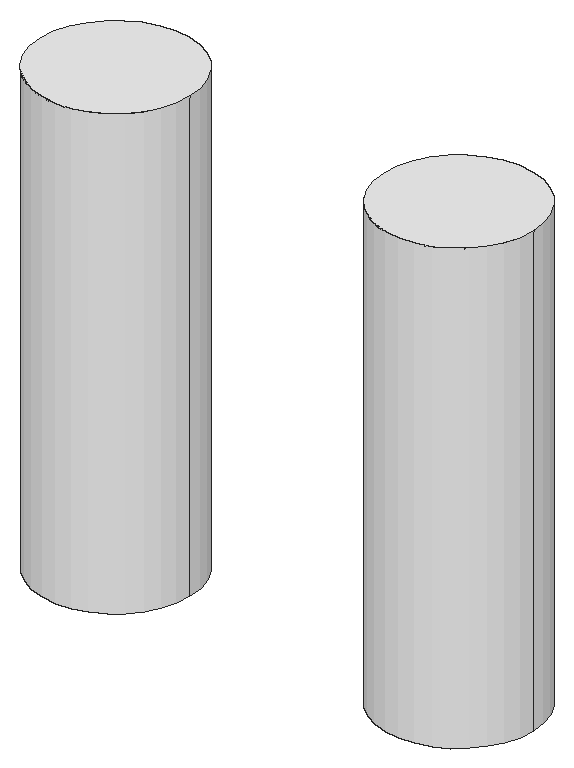
Revit family "51422293", category Plumbing Fixtures, Revit 2018
Family settings
  Round Connector Dimension = Use Diameter
  Part Type = Normal
  OmniClass Number = 23.45.55.00
  OmniClass Title = Sanitary Faucets, Wastes
  Work Plane-Based = No
  Always vertical = Yes
  Cut with Voids When Loaded = No
  Shared = No
  Room Calculation Point = No
Parameters (values of type "51422293 Washbasin faucet ")
  WorkingPressure = "50 - 1000 kPa"
  Working Pressure = "50 - 1000 kPa"
  WarrantyStartDate [instance] = "n/a"
  WarrantyGuarantorParts = "n/a"
  WarrantyGuarantorLabor = "n/a"
  WarrantyDurationUnit = "Year"
  WarrantyDurationParts = "n/a"
  WarrantyDurationLabor = "n/a"
  WarrantyDescription = "http://warranty.hansa.com"
  Warranty Information URL = "http://warranty.hansa.com"
  VersionDate = "01/07/2022"
  Version = "4"  # constant formula
  ValvePattern = "n/a"
  ValveOperation = "n/a"
  ValveMechanism = "n/a"
  Uniclass2015Reference = "Pr_40_20_87_96"
  Uniclass2015Description = "Washbasin manual water supply sets"
  Uniclass2 = "Pr_40_30_96_96"
  URL REACH = "http://static.hansa.com/doc/reach"
  URL KIWA = "http://static.hansa.com/Kiwa/51422293"
  URL Declaration of Conformity = "http://static.hansa.com/DoC/51422293"
  URL DVGW = "http://static.hansa.com/DVGW/51422293"
  URL ABP = "http://static.hansa.com/ABP/51422293"
  URL = ""
  UNSPSC Class Number = "30181700 Faucets or taps"
  TestPressure = "n/a"
  Temperature Adjustments = "Limitation option for maximum temperature and flow-rate ;Adjustable hot water stop (included, retrofittable)"
  Temperature = "Temperature limiter;Temperature limiter (retrofittable)"
  Technical DataSheet URL = "http://www.hansa.com/datasheet/51422293/en"
  TagNumber [instance] = "n/a"
  SustainabilityPerformance = "n/a"
  Surface treatment = "Chrome"
  Spout Type = "Fixed spout"
  Spout Projection = "103 mm"
  Spare-Part Information URL = "http://static.hansa.com/sp/51422293"
  Size = "48.5x137x136 mm"
  Shape = "Sculptured"
  SerialNumber [instance] = "n/a"
  Sales Package dimensions (LxWxH) = "540 x 146 x 59"
  Revision = "4"  # constant formula
  ReplacementCost = "n/a"
  ProductInformation = "n/a"
  Product URL = "http://static.hansa.com/51422293"
  Product Image URL = "http://static.hansa.com/image/51422293"
  Product Family = "HANSAPOLO "
  Product Code = "51422293"
  OperatingMechanismMaterial = "n/a"
  NominalWidth = 48.5 mm
  NominalHeight = 137 mm
  NominalDepth = 137 mm
  Noise Class = "I (ISO3822)"
  Name_en = "51422293 Washbasin faucet"
  Name = "51422293 Washbasin faucet"
  NBSReference = "45-35-70/371"
  NBSDescription = "Water supply fittings for wash basins and troughs"
  Mounting Holes = "1 hole"
  ModelReference = "51422293"
  ModelNumber = "n/a"
  Model = "51422293 Washbasin faucet"
  Mobile Product Information URL = "http://mpi.hansa.com/51422293"
  Mechanical Parts = "ø 35 mm ceramic cartridge for flow and temperature control"
  Max. Hot Water Supply = 70 °C
  Material = "Brass"
  Market = "Austria;Belgium;Czech Republic;Germany;Spain;France;International;Italy;Netherlands;Slovakia"
  ManufacturerURL = "http://www.hansa.com"
  ManufacturerName = "HANSA"
  Manufacturer = "HANSA"
  Lever Handle = "Hot/Cold symbols;Single operating lever/handle"
  Interactive AR View URL = "https://static.hansa.com/AR/51422293"
  InstallationDate [instance] = "n/a"
  Installation and Maintenance Guide URL = "http://static.hansa.com/manual/51422293"
  Installation Type = "Deck mounted"
  InletConnectionSize = 10 mm
  IfcExportType = "FAUCET"  # constant formula
  IfcExportAs = "IfcValveType"  # constant formula
  Group = "Washbasin faucet"
  Grade = "n/a"
  FlowCoefficient = 0
  Flow Rate At 300kPa With Flow Controller = 0.1 L/s
  Flow Drawing URL = "http://static.hansa.com/flowchart/51422293"
  Finish = "Polished"
  Features = "Single-lever"
  FaucetMainMaterial = Brass
  FDV Document URL = "http://www.hansa.com/datasheet/51422293/en/fdv"
  ExpectedLife = "n/a"
  Excluded Items = "Without pop-up waste;Without draw-rod opening"
  ETIM Class Number = "EC011328 Washbasin mixing tap"
  EN Standard = "EN 817"
  EAN Number = "4057304002755"
  DurationUnit = "Year"
  Dimension Drawing URL = "http://static.hansa.com/dimdrw/51422293"
  Description = ""
  DefaultElevation [instance] = 900 mm
  Constituents = "n/a"
  Connection Size = "G3/8"
  Connection = "Flexible inlet pipes"
  Color = "Chrome"
  CodePerformance = "n/a"
  CloseOffRating = 0
  Category = "Bathroom"
  Catalog Drawing URL = "http://static.hansa.com/catdrw/51422293"
  Brand = "HANSA"
  BodyMaterial = "Brass"
  Barcode [instance] = "n/a"
  Backflow Prevention EN1717 = "AA"
  BIMObjectName = "51422293"
  Author = "BIMStone"
  AssetType = "Fixed"
  AssetIdentifier [instance] = "n/a"
  Approval KIWA = "K6116/08"
  Approval DVGW = "NW-6506BP0361"
  Approval ABP = "P-IX 29493/IA"
  Ambience photo = "http://static.hansa.com/ambience/51422293"
  Aerator = "PCA® - constant flow rate regardless of pressure variations"
  Advanced Features = "Inner body made of DZR brass;Rapid installation system"
  AccessibilityPerformance = "n/a"
  3D View = "https://static.hansa.com/3D/51422293"
  2D/3D/BIM Files URL = "http://static.hansa.com/bim/51422293"
Reference planes
  plane 1 "Center (Front/Back)": y = 0
  plane 2: z = 0
  plane 3 "Center (Left/Right)": x = 0
  plane 4: x = -24.25
  plane 5: z = 1037
  plane 6: z = 900
  plane 7: z = 870
  plane 8: y = -137
  plane 9: x = 24.25
Forms (mm)
  Extrusion 1, solid, material "Brass" <- "FaucetMainMaterial"
    sketch origin (0, 0, 0) x (1, 0, 0) y (0, 1, 0)
      loop
        circle (-11.5, -22.5) r 5
      loop
        circle (11.5, -22.5) r 5
    from 870 to 900
  Extrusion 2, solid, material "Brass" <- "FaucetMainMaterial", detail levels medium
    sketch origin (0, 0, 0) x (0, 1, 0) y (0, 0, 1)
      loop
        line (-11.837, 1037) -> (-124.122, 1037) -> (-122.074, 1028.126) -> (-62.2, 1027.177)
        arc (-62.2, 1027.177) -> (-58.651, 1025.78) -> (-57.131, 1022.282) r 4.983
        line (-57.131, 1022.282) -> (-56.683, 996.618) -> (-137, 989.601) -> (-137, 987.69) -> (-131.699, 983.242) -> (-135.856, 977.305) -> (-116.182, 963.529) -> (-114.062, 966.556) -> (-77.551, 967.193)
        arc (-77.551, 967.193) -> (-59.309, 959.809) -> (-50.685, 942.118) r 27.474
        line (-50.685, 942.118) -> (-47, 900) -> (0, 900) -> (-11.837, 1037)
    from -24.25 to 24.25
  Extrusion 3, solid, material "Brass" <- "FaucetMainMaterial", detail levels coarse
    sketch origin (0, 0, 0) x (1, 0, 0) y (0, 1, 0)
      loop
        line (-24.25, 0) -> (-24.25, -137) -> (24.25, -137) -> (24.25, 0) -> (-24.25, 0)
    from 900 to 1037
Lines and regions (mm)
  symbolic lines, detail levels medium+fine
    curve 1: line (0, 0, 900) -> (-23.5, 0, 900)
    curve 2: line (-23.5, 0, 900) -> (-23.5, 0, 998.12)
    curve 3: spline (-24.25, 0, 1002.285) -> (-24.238, 0, 1002.205) -> (-24.201, 0, 1002.125) -> (-24.14, 0, 1002.045) -> (-24.055, 0, 1001.966) -> (-23.945, 0, 1001.886) -> (-23.812, 0, 1001.808) -> (-23.654, 0, 1001.729) -> (-23.472, 0, 1001.651) -> (-23.267, 0, 1001.574) -> (-23.039, 0, 1001.498) -> (-22.787, 0, 1001.422) -> (-22.512, 0, 1001.347)
    curve 4: arc (-24.25, 0, 1002.285) -> (-23.247, 0, 1017.942) -> (-21.807, 0, 1033.565) r 561.53
    curve 5: line (-20.482, 0, 1035.174) -> (-14.32, 0, 1036.261)
    curve 6: arc (-14.32, 0, 1036.261) -> (-9.879, 0, 1036.835) -> (-5.404, 0, 1037) r 48.793
    curve 7: line (-5.404, 0, 1037) -> (0, 0, 1037)
    curve 9: line (0, 0, 900) -> (23.5, 0, 900)
    curve 10: line (23.5, 0, 900) -> (23.5, 0, 998.12)
    curve 11: spline (24.25, 0, 1002.285) -> (24.238, 0, 1002.205) -> (24.201, 0, 1002.125) -> (24.14, 0, 1002.045) -> (24.055, 0, 1001.966) -> (23.945, 0, 1001.886) -> (23.812, 0, 1001.808) -> (23.654, 0, 1001.729) -> (23.472, 0, 1001.651) -> (23.267, 0, 1001.574) -> (23.039, 0, 1001.498) -> (22.787, 0, 1001.422) -> (22.512, 0, 1001.347)
    curve 12: arc (24.25, 0, 1002.285) -> (23.247, 0, 1017.942) -> (21.807, 0, 1033.565) r 561.53
    curve 13: line (20.482, 0, 1035.174) -> (14.32, 0, 1036.261)
    curve 14: arc (14.32, 0, 1036.261) -> (9.879, 0, 1036.835) -> (5.404, 0, 1037) r 48.793
    curve 15: line (5.404, 0, 1037) -> (0, 0, 1037)
    curve 16: line (-22.633, 0, 998.988) -> (-22.512, 0, 1001.347)
    curve 17: line (22.633, 0, 998.988) -> (22.512, 0, 1001.347)
    curve 18: arc (-22.633, 0, 998.988) -> (-23.246, 0, 998.734) -> (-23.5, 0, 998.12) r 0.867
    curve 19: arc (22.633, 0, 998.988) -> (23.246, 0, 998.734) -> (23.5, 0, 998.12) r 0.867
    curve 20: arc (-20.482, 0, 1035.174) -> (-21.441, 0, 1034.614) -> (-21.807, 0, 1033.565) r 1.605
    curve 21: arc (20.482, 0, 1035.174) -> (21.441, 0, 1034.614) -> (21.807, 0, 1033.565) r 1.605
    curve 59: line (0, 0, 900) -> (0, -47, 900)
    curve 60: line (0, -47, 900) -> (0, -50.685, 942.118)
    curve 61: arc (0, -50.685, 942.118) -> (0, -59.309, 959.809) -> (0, -77.551, 967.193) r 27.474
    curve 62: line (0, -77.551, 967.193) -> (0, -109.985, 966.627)
    curve 63: arc (0, -109.985, 966.627) -> (0, -111.706, 966.9) -> (0, -113.23, 967.744) r 5.017
    curve 65: line (0, -136.087, 989.68) -> (0, -56.683, 996.618)
    curve 66: line (0, -56.683, 996.618) -> (0, -57.131, 1022.282)
    curve 67: arc (0, -57.131, 1022.282) -> (0, -58.651, 1025.78) -> (0, -62.2, 1027.177) r 4.983
    curve 68: line (0, -62.2, 1027.177) -> (0, -118.76, 1028.074)
    curve 69: arc (0, -118.76, 1028.074) -> (0, -121.312, 1028.98) -> (0, -122.794, 1031.248) r 4.237
    curve 70: line (0, -122.794, 1031.248) -> (0, -123.357, 1033.686)
    curve 71: arc (0, -123.357, 1033.686) -> (0, -123.101, 1034.795) -> (0, -122.07, 1035.277) r 1.299
    curve 72: line (0, -122.07, 1035.277) -> (0, -83.546, 1036.623)
    curve 73: arc (0, -83.546, 1036.623) -> (0, -75.229, 1036.862) -> (0, -66.91, 1037) r 680.589
    curve 74: arc (0, -66.91, 1037) -> (0, -40.52, 1036.693) -> (0, -14.169, 1035.22) r 597.328
    curve 75: arc (0, -14.169, 1035.22) -> (0, -13.191, 1034.767) -> (0, -12.746, 1033.786) r 1.547
    curve 76: line (0, -12.746, 1033.786) -> (0, -9.744, 1014.834)
    curve 77: line (0, -9.744, 1014.834) -> (0, -15.314, 1011.619)
    curve 78: arc (0, -15.314, 1011.619) -> (0, -12.568, 1006.368) -> (0, -11.235, 1000.594) r 23.302
    curve 79: arc (0, -137, 988.684) -> (0, -136.737, 989.36) -> (0, -136.087, 989.68) r 1
    curve 80: arc (0, -137, 988.156) -> (0, -136.906, 987.733) -> (0, -136.643, 987.39) r 1
    curve 81: line (0, -137, 988.684) -> (0, -137, 988.156)
    curve 82: line (0, -116.182, 963.529) -> (0, -135.856, 977.305)
    curve 83: line (0, -131.699, 983.242) -> (0, -135.856, 977.305)
    curve 84: line (0, -113.23, 967.744) -> (0, -116.182, 963.529)
    curve 85: line (0, -131.699, 983.242) -> (0, -136.643, 987.39)
    curve 89: line (0, -11.235, 1000.594) -> (0, -8.819, 1000.805)
    curve 91: line (0, -137, 0) -> (-6.831, -137, 0)
    curve 92: arc (-6.831, -137, 0) -> (-9.954, -136.71, 0) -> (-12.97, -135.849, 0) r 16.95
    curve 93: arc (-12.97, -135.849, 0) -> (-13.9, -135.32, 0) -> (-14.637, -134.545, 0) r 3.659
    curve 94: arc (-14.637, -134.545, 0) -> (-15.74, -132.603, 0) -> (-16.449, -130.485, 0) r 11.565
    curve 95: line (-16.449, -130.485, 0) -> (-22.722, -40.776, 0)
    curve 96: line (0, -137, 0) -> (6.831, -137, 0)
    curve 97: arc (6.831, -137, 0) -> (9.954, -136.71, 0) -> (12.97, -135.849, 0) r 16.95
    curve 98: arc (12.97, -135.849, 0) -> (13.9, -135.32, 0) -> (14.637, -134.545, 0) r 3.659
    curve 99: arc (14.637, -134.545, 0) -> (15.74, -132.603, 0) -> (16.449, -130.485, 0) r 11.565
    curve 100: line (16.449, -130.485, 0) -> (22.722, -40.776, 0)
    curve 102: spline (23.357, -26.09, 0) -> (23.666, -27.298, 0) -> (23.911, -28.52, 0) -> (24.09, -29.752, 0) -> (24.203, -30.993, 0) -> (24.249, -32.237, 0) -> (24.228, -33.482, 0) -> (24.141, -34.725, 0) -> (23.988, -35.961, 0) -> (23.769, -37.187, 0) -> (23.484, -38.401, 0) -> (23.135, -39.598, 0) -> (22.722, -40.776, 0)
    curve 103: arc (23.357, -26.09, 0) -> (0, 0, 0) -> (-23.357, -26.09, 0) r 23.5
    curve 112: spline (-22.722, -40.776, 0) -> (-23.135, -39.598, 0) -> (-23.484, -38.401, 0) -> (-23.769, -37.187, 0) -> (-23.988, -35.961, 0) -> (-24.141, -34.725, 0) -> (-24.228, -33.482, 0) -> (-24.249, -32.237, 0) -> (-24.203, -30.993, 0) -> (-24.09, -29.752, 0) -> (-23.911, -28.52, 0) -> (-23.666, -27.298, 0) -> (-23.357, -26.09, 0)
    curve 117: line (0, 0, 900) -> (0, -8.819, 1000.805)
  symbolic lines, detail levels fine
    curve 8: spline (-22.512, 0, 1001.347) -> (-19.863, 0, 1000.838) -> (-16.168, 0, 1000.405) -> (-11.62, 0, 1000.071) -> (-6.46, 0, 999.854) -> (-0.96, 0, 999.765) -> (4.591, 0, 999.808) -> (9.899, 0, 999.982) -> (14.687, 0, 1000.278) -> (18.7, 0, 1000.679) -> (21.728, 0, 1001.165) -> (23.611, 0, 1001.71) -> (24.25, 0, 1002.285)
    curve 22: line (-15.899, 0, 1034.548) -> (-15.72, 0, 1031.125)
    curve 23: arc (-15.72, 0, 1031.125) -> (-14.393, 0, 1028.344) -> (-11.489, 0, 1027.315) r 4.026
    curve 24: line (-11.489, 0, 1027.315) -> (0, 0, 1027.315)
    curve 25: arc (-14.32, 0, 1036.261) -> (-15.47, 0, 1035.737) -> (-15.899, 0, 1034.548) r 1.629
    curve 26: line (15.899, 0, 1034.548) -> (15.72, 0, 1031.125)
    curve 27: arc (15.72, 0, 1031.125) -> (14.393, 0, 1028.344) -> (11.489, 0, 1027.315) r 4.026
    curve 28: line (11.489, 0, 1027.315) -> (0, 0, 1027.315)
    curve 29: arc (14.32, 0, 1036.261) -> (15.47, 0, 1035.737) -> (15.899, 0, 1034.548) r 1.629
    curve 30: spline (-22.633, 0, 998.988) -> (-21.861, 0, 998.451) -> (-19.6, 0, 997.951) -> (-16.004, 0, 997.522) -> (-11.316, 0, 997.193) -> (-5.858, 0, 996.986) -> (0, 0, 996.915) -> (5.858, 0, 996.986) -> (11.316, 0, 997.193) -> (16.004, 0, 997.522) -> (19.6, 0, 997.951) -> (21.861, 0, 998.451) -> (22.633, 0, 998.988)
    curve 31: spline (10.74, 0, 970.347) -> (10.374, 0, 971.955) -> (9.301, 0, 973.453) -> (7.594, 0, 974.74) -> (5.37, 0, 975.728) -> (2.78, 0, 976.349) -> (0, 0, 976.56) -> (-2.78, 0, 976.349) -> (-5.37, 0, 975.728) -> (-7.594, 0, 974.74) -> (-9.301, 0, 973.453) -> (-10.374, 0, 971.955) -> (-10.74, 0, 970.347) -> (-10.374, 0, 968.738) -> (-9.301, 0, 967.24) -> (-7.594, 0, 965.953) -> (-5.37, 0, 964.965) -> (-2.78, 0, 964.345) -> (0, 0, 964.133) -> (2.78, 0, 964.345) -> (5.37, 0, 964.965) -> (7.594, 0, 965.953) -> (9.301, 0, 967.24) -> (10.374, 0, 968.738) -> (10.74, 0, 970.347)
    curve 32: line (-10.74, 0, 970.347) -> (-10.74, 0, 977.121)
    curve 33: line (10.74, 0, 970.347) -> (10.74, 0, 977.121)
    curve 34: spline (-10.74, 0, 970.633) -> (-11.115, 0, 971.144) -> (-11.425, 0, 971.671) -> (-11.668, 0, 972.211) -> (-11.842, 0, 972.761) -> (-11.948, 0, 973.317) -> (-11.983, 0, 973.877) -> (-11.948, 0, 974.437) -> (-11.842, 0, 974.993) -> (-11.668, 0, 975.543) -> (-11.425, 0, 976.083) -> (-11.115, 0, 976.61) -> (-10.74, 0, 977.121)
    curve 35: line (-11.983, 0, 973.877) -> (-11.983, 0, 976.203)
    curve 36: line (11.983, 0, 973.877) -> (11.983, 0, 976.203)
    curve 37: spline (-11.983, 0, 976.203) -> (-11.574, 0, 978.096) -> (-10.377, 0, 979.86) -> (-8.473, 0, 981.375) -> (-5.991, 0, 982.538) -> (-3.101, 0, 983.269) -> (0, 0, 983.518) -> (3.101, 0, 983.269) -> (5.991, 0, 982.538) -> (8.473, 0, 981.375) -> (10.377, 0, 979.86) -> (11.574, 0, 978.096) -> (11.983, 0, 976.203)
    curve 38: spline (-10.74, 0, 977.121) -> (-9.578, 0, 978.273) -> (-8.088, 0, 979.275) -> (-6.321, 0, 980.092) -> (-4.338, 0, 980.696) -> (-2.207, 0, 981.067) -> (0, 0, 981.192) -> (2.207, 0, 981.067) -> (4.338, 0, 980.696) -> (6.321, 0, 980.092) -> (8.088, 0, 979.275) -> (9.578, 0, 978.273) -> (10.74, 0, 977.121)
    curve 39: spline (10.74, 0, 977.121) -> (11.115, 0, 976.61) -> (11.425, 0, 976.083) -> (11.668, 0, 975.543) -> (11.842, 0, 974.993) -> (11.948, 0, 974.437) -> (11.983, 0, 973.877) -> (11.948, 0, 973.317) -> (11.842, 0, 972.761) -> (11.668, 0, 972.211) -> (11.425, 0, 971.671) -> (11.115, 0, 971.144) -> (10.74, 0, 970.633)
    curve 40: line (-23.5, 0, 998.12) -> (-17.681, 0, 988.808)
    curve 41: line (-17.681, 0, 988.808) -> (-16.86, 0, 987.494)
    curve 42: arc (-16.86, 0, 987.494) -> (-15.964, 0, 986.671) -> (-14.772, 0, 986.423) r 2.289
    curve 43: line (-3.71, 0, 987.138) -> (-14.772, 0, 986.423)
    curve 44: arc (-3.71, 0, 987.138) -> (-1.858, 0, 987.301) -> (0, 0, 987.355) r 31.816
    curve 45: line (23.5, 0, 998.12) -> (16.86, 0, 987.494)
    curve 46: arc (16.86, 0, 987.494) -> (15.963, 0, 986.67) -> (14.77, 0, 986.422) r 2.29
    curve 47: line (3.71, 0, 987.138) -> (14.77, 0, 986.422)
    curve 48: arc (3.71, 0, 987.138) -> (1.858, 0, 987.301) -> (0, 0, 987.355) r 31.816
    curve 49: line (-23.5, 0, 988.518) -> (-18.651, 0, 977.627)
    curve 50: arc (-18.651, 0, 977.627) -> (-15.357, 0, 972.753) -> (-10.589, 0, 969.307) r 16.858
    curve 51: line (23.5, 0, 988.518) -> (18.651, 0, 977.627)
    curve 52: arc (18.651, 0, 977.627) -> (15.357, 0, 972.753) -> (10.589, 0, 969.307) r 16.858
    curve 53: line (-17.103, 0, 984.092) -> (-17.368, 0, 980.229)
    curve 54: arc (-17.368, 0, 980.229) -> (-16.589, 0, 975.346) -> (-13.751, 0, 971.296) r 11.008
    curve 55: arc (-14.772, 0, 986.423) -> (-16.42, 0, 985.741) -> (-17.103, 0, 984.092) r 2.331
    curve 56: line (17.103, 0, 984.092) -> (17.368, 0, 980.229)
    curve 57: arc (17.368, 0, 980.229) -> (16.589, 0, 975.346) -> (13.751, 0, 971.296) r 11.008
    curve 58: arc (14.772, 0, 986.423) -> (16.42, 0, 985.741) -> (17.103, 0, 984.092) r 2.331
    curve 64: line (0, -113.23, 967.744) -> (0, -131.699, 983.242)
    curve 86: line (0, -15.314, 1011.619) -> (0, -31.179, 1002.459)
    curve 87: line (0, -56.746, 1000.222) -> (0, -31.179, 1002.459)
    curve 88: line (0, -56.683, 996.618) -> (0, -11.235, 1000.594)
    curve 90: spline (-16.871, -49.542, 0) -> (-17.505, -48.918, 0) -> (-18.114, -48.272, 0) -> (-18.699, -47.604, 0) -> (-19.258, -46.915, 0) -> (-19.791, -46.206, 0) -> (-20.296, -45.479, 0) -> (-20.774, -44.734, 0) -> (-21.223, -43.971, 0) -> (-21.643, -43.194, 0) -> (-22.033, -42.401, 0) -> (-22.393, -41.595, 0) -> (-22.722, -40.776, 0)
    curve 101: spline (-23.357, -26.09, 0) -> (-21.412, -21.325, 0) -> (-18.468, -17.081, 0) -> (-14.662, -13.556, 0) -> (-10.172, -10.913, 0) -> (-5.207, -9.276, 0) -> (0, -8.722, 0) -> (5.207, -9.276, 0) -> (10.172, -10.913, 0) -> (14.662, -13.556, 0) -> (18.468, -17.081, 0) -> (21.412, -21.325, 0) -> (23.357, -26.09, 0)
    curve 104: line (0, -123.45, 0) -> (-5, -123.45, 0)
    curve 105: arc (-5, -123.45, 0) -> (-8.178, -122.739, 0) -> (-10.749, -120.742, 0) r 7.456
    curve 106: arc (-10.749, -120.742, 0) -> (-11.709, -119.136, 0) -> (-12.144, -117.316, 0) r 6.19
    curve 107: line (-12.144, -117.316, 0) -> (-15.964, -54.466, 0)
    curve 108: line (0, -123.45, 0) -> (5, -123.45, 0)
    curve 109: arc (5, -123.45, 0) -> (8.178, -122.739, 0) -> (10.749, -120.742, 0) r 7.456
    curve 110: arc (10.749, -120.742, 0) -> (11.709, -119.136, 0) -> (12.144, -117.316, 0) r 6.19
    curve 111: line (12.144, -117.316, 0) -> (15.964, -54.466, 0)
    curve 113: spline (22.722, -40.776, 0) -> (22.393, -41.595, 0) -> (22.033, -42.401, 0) -> (21.643, -43.194, 0) -> (21.223, -43.971, 0) -> (20.774, -44.734, 0) -> (20.296, -45.479, 0) -> (19.791, -46.206, 0) -> (19.258, -46.915, 0) -> (18.699, -47.604, 0) -> (18.114, -48.272, 0) -> (17.505, -48.918, 0) -> (16.871, -49.542, 0)
    curve 114: spline (18.875, -45.082, 0) -> (21.467, -38.062, 0) -> (21.469, -30.592, 0) -> (18.881, -23.572, 0) -> (14.014, -17.848, 0) -> (7.457, -14.112, 0) -> (0, -12.815, 0) -> (-7.457, -14.112, 0) -> (-14.014, -17.848, 0) -> (-18.881, -23.572, 0) -> (-21.469, -30.592, 0) -> (-21.467, -38.062, 0) -> (-18.875, -45.082, 0)
    curve 115: arc (-15.964, -54.466, 0) -> (-16.854, -49.598, 0) -> (-18.875, -45.082, 0) r 20.664
    curve 116: arc (15.964, -54.466, 0) -> (16.854, -49.598, 0) -> (18.875, -45.082, 0) r 20.664
Dimensions and locks
  "NominalHeight": plane 5 to plane 6
  "DefaultElevation": plane 6 to level
  locked: plane 6 to plane 7 at 30
  "NominalDepth": plane 8 to plane 1 "Center (Front/Back)"
  equal spacing: plane 4, plane 3 "Center (Left/Right)", plane 9
  "NominalWidth": plane 4 to plane 9
  "InletConnectionSize": diameter of Extrusion 1 sketch curve  (x2)
  aligned and locked: level to plane 2
  aligned and locked: plane 6 to Extrusion 1
  aligned and locked: Extrusion 1 to plane 7
  aligned and locked: Extrusion 3 to plane 6
  aligned and locked: plane 5 to Extrusion 3
  aligned and locked: plane 6 to import instance
Automatic sketch dimensions
  curve 101 to plane 4 = 0 mm
  curve 90 to plane 4 = 0 mm
  curve 112 to plane 4 = 0 mm
  curve 113 to plane 4 = 0 mm
  curve 102 to plane 4 = 0 mm
  plane 8 to curve 92 = 0 mm
  curve 96 to plane 3 "Center (Left/Right)" = 0 mm
  curve 90 to plane 3 "Center (Left/Right)" = 0 mm
  curve 101 to plane 3 "Center (Left/Right)" = 0 mm
  curve 102 to plane 3 "Center (Left/Right)" = 0 mm
  curve 113 to plane 3 "Center (Left/Right)" = 0 mm
  curve 108 to plane 3 "Center (Left/Right)" = 0 mm
  curve 103 to plane 3 "Center (Left/Right)" = 0 mm
  curve 114 to plane 3 "Center (Left/Right)" = 0 mm
  curve 112 to plane 3 "Center (Left/Right)" = 0 mm
  curve 115 to plane 4 = 12.34 mm
  plane 4 to curve 95 = 1.528 mm
  plane 4 to curve 95 = 7.801 mm
  plane 4 to curve 107 = 8.286 mm
  plane 4 to curve 107 = 12.106 mm
  curve 95 to curve 93 = 4.805 mm
  curve 106 to curve 92 = 5.313 mm
  curve 92 to curve 106 = 0.855 mm
  curve 94 to plane 3 "Center (Left/Right)" = 5.179 mm
  curve 92 to curve 104 = 1.831 mm
  plane 3 "Center (Left/Right)" to curve 108 = 5 mm
  curve 108 to curve 99 = 0.179 mm
  curve 109 to curve 110 = 0.976 mm
  curve 110 to curve 97 = 0.855 mm
  curve 98 to plane 8 = 4.562 mm
  curve 97 to curve 98 = 4.813 mm
  curve 97 to curve 111 = 5.313 mm
  plane 9 to curve 111 = 8.286 mm
  curve 98 to curve 100 = 4.805 mm
  plane 9 to curve 100 = 1.528 mm
  curve 116 to plane 9 = 12.34 mm
  curve 93 to plane 8 = 4.562 mm
  curve 93 to curve 95 = 1.953 mm
  curve 98 to curve 100 = 1.953 mm
  curve 98 to curve 99 = 4.55 mm
  curve 93 to curve 94 = 4.55 mm
  curve 94 to curve 104 = 4.438 mm
  curve 109 to curve 97 = 3.4 mm
  curve 105 to curve 92 = 3.4 mm
  curve 92 to curve 107 = 2.733 mm
  curve 97 to curve 111 = 2.733 mm
  curve 97 to curve 110 = 3.25 mm
  curve 92 to curve 106 = 3.25 mm
  curve 106 to curve 105 = 0.806 mm
  curve 110 to curve 109 = 0.806 mm
  plane 1 "Center (Front/Back)" to curve 115 = 55.719 mm
  curve 116 to curve 111 = 1.254 mm
  curve 115 to curve 107 = 1.254 mm
  curve 115 to curve 95 = 13.69 mm
  curve 111 to curve 100 = 13.69 mm
  plane 1 "Center (Front/Back)" to curve 103 = 23.5 mm
  plane 4 to curve 103 = 0.893 mm
  plane 4 to curve 115 = 5.375 mm
  curve 115 to curve 90 = 2.004 mm
  curve 93 to curve 94 = 0 mm
  curve 98 to curve 97 = 0 mm
  curve 113 to curve 114 = 2.004 mm
  plane 9 to curve 114 = 2.451 mm
  curve 113 to curve 114 = 4.46 mm
  curve 114 to curve 90 = 1.844 mm
  curve 101 to curve 90 = 0 mm
  curve 112 to curve 113 = 0 mm
  Extrusion 3 sketch curve to plane 4 = 0 mm
  plane 8 to Extrusion 3 sketch curve = 0 mm
  Extrusion 3 sketch curve to plane 9 = 0 mm
  Extrusion 3 sketch curve to plane 1 "Center (Front/Back)" = 0 mm
  Extrusion 2 sketch curve to plane 8 = 0 mm
  Extrusion 2 sketch curve to plane 6 = 0 mm
  Extrusion 2 sketch curve to plane 5 = 0 mm
  Extrusion 2 sketch curve to plane 1 "Center (Front/Back)" = 0 mm
  Extrusion 2 sketch curve to plane 8 = 1.144 mm
  Extrusion 2 sketch curve to plane 8 = 5.301 mm
  Extrusion 2 sketch curve to plane 8 = 12.878 mm
  Extrusion 2 sketch curve to Extrusion 2 sketch curve = 2.049 mm
  Extrusion 2 sketch curve to plane 8 = 20.818 mm
  Extrusion 2 sketch curve to Extrusion 2 sketch curve = 2.12 mm
  Extrusion 2 sketch curve to Extrusion 2 sketch curve = 36.007 mm
  Extrusion 2 sketch curve to Extrusion 2 sketch curve = 0.503 mm
  Extrusion 2 sketch curve to plane 5 = 9.823 mm
  Extrusion 2 sketch curve to Extrusion 2 sketch curve = 59.874 mm
  Extrusion 2 sketch curve to Extrusion 2 sketch curve = 0.087 mm
  Extrusion 2 sketch curve to plane 5 = 14.718 mm
  Extrusion 2 sketch curve to Extrusion 2 sketch curve = 4.982 mm
  Extrusion 2 sketch curve to Extrusion 2 sketch curve = 0.448 mm
  Extrusion 2 sketch curve to Extrusion 2 sketch curve = 27.37 mm
  Extrusion 2 sketch curve to Extrusion 2 sketch curve = 3.685 mm
  plane 6 to Extrusion 2 sketch curve = 39.723 mm
  Extrusion 2 sketch curve to Extrusion 2 sketch curve = 2.395 mm
  Extrusion 2 sketch curve to Extrusion 2 sketch curve = 3.664 mm
  Extrusion 2 sketch curve to Extrusion 2 sketch curve = 3.027 mm
  Extrusion 2 sketch curve to Extrusion 2 sketch curve = 4.448 mm
  Extrusion 2 sketch curve to Extrusion 2 sketch curve = 1.911 mm
  Extrusion 2 sketch curve to Extrusion 2 sketch curve = 25.664 mm
  Extrusion 2 sketch curve to plane 5 = 8.874 mm
  plane 1 "Center (Front/Back)" to Extrusion 2 sketch curve = 11.837 mm
  curve 81 to plane 8 = 0 mm
  curve 73 to plane 5 = 0 mm
  curve 74 to plane 5 = 0 mm
  curve 59 to plane 6 = 0 mm
  curve 59 to plane 1 "Center (Front/Back)" = 0 mm
  curve 85 to plane 8 = 0.357 mm
  curve 80 to plane 8 = 1 mm
  curve 79 to curve 80 = 0 mm
  curve 82 to plane 8 = 1.144 mm
  curve 64 to plane 8 = 5.301 mm
  curve 70 to plane 5 = 3.314 mm
  curve 70 to plane 8 = 13.643 mm
  curve 70 to plane 5 = 5.752 mm
  curve 70 to curve 70 = 0.563 mm
  curve 70 to curve 71 = 1.266 mm
  curve 72 to plane 5 = 1.723 mm
  curve 71 to curve 72 = 0.021 mm
  curve 68 to plane 5 = 8.926 mm
  curve 70 to curve 68 = 4.035 mm
  curve 71 to curve 69 = 3.399 mm
  curve 82 to plane 8 = 20.818 mm
  curve 82 to curve 84 = 2.952 mm
  curve 63 to curve 63 = 3.157 mm
  curve 64 to curve 62 = 3.245 mm
  curve 72 to plane 5 = 0.377 mm
  curve 69 to curve 72 = 35.147 mm
  curve 62 to curve 61 = 31.931 mm
  curve 61 to curve 62 = 0.503 mm
  curve 68 to plane 5 = 9.823 mm
  curve 72 to curve 68 = 21.346 mm
  curve 68 to curve 67 = 0.087 mm
  plane 1 "Center (Front/Back)" to curve 74 = 60.664 mm
  plane 1 "Center (Front/Back)" to curve 73 = 59.793 mm
  curve 66 to plane 5 = 14.718 mm
  curve 67 to curve 66 = 4.982 mm
  curve 66 to curve 66 = 0.448 mm
  curve 61 to curve 60 = 27.37 mm
  curve 60 to curve 59 = 3.685 mm
  curve 65 to curve 78 = 22.261 mm
  curve 78 to curve 86 = 3.242 mm
  plane 1 "Center (Front/Back)" to curve 77 = 15.314 mm
  curve 75 to plane 5 = 3.322 mm
  plane 1 "Center (Front/Back)" to curve 75 = 14.289 mm
  curve 76 to plane 5 = 3.214 mm
  curve 75 to curve 76 = 1.543 mm
  plane 1 "Center (Front/Back)" to curve 89 = 11.235 mm
  curve 78 to curve 76 = 5.569 mm
  level to curve 74 = 439.705 mm
  plane 6 to curve 61 = 39.723 mm
  curve 61 to curve 60 = 2.395 mm
  curve 82 to curve 61 = 3.664 mm
  curve 82 to curve 62 = 3.098 mm
  curve 63 to curve 84 = 1.117 mm
  curve 64 to curve 85 = 4.148 mm
  curve 80 to curve 79 = 0.528 mm
  curve 65 to curve 78 = 1.664 mm
  curve 78 to curve 89 = 2.312 mm
  curve 78 to curve 87 = 4.177 mm
  curve 78 to curve 76 = 3.215 mm
  curve 79 to plane 8 = 0.913 mm
  curve 65 to curve 79 = 0 mm
  curve 87 to plane 5 = 36.778 mm
  curve 88 to curve 117 = 2.415 mm
  curve 88 to curve 89 = 0.211 mm
  curve 3 to plane 4 = 0 mm
  curve 8 to plane 4 = 0 mm
  curve 2 to plane 6 = 0 mm
  curve 7 to plane 5 = 0 mm
  curve 48 to plane 3 "Center (Left/Right)" = 0 mm
  curve 39 to plane 3 "Center (Left/Right)" = 0 mm
  curve 11 to plane 3 "Center (Left/Right)" = 0 mm
  curve 38 to plane 3 "Center (Left/Right)" = 0 mm
  curve 9 to plane 3 "Center (Left/Right)" = 0 mm
  curve 37 to plane 3 "Center (Left/Right)" = 0 mm
  curve 8 to plane 3 "Center (Left/Right)" = 0 mm
  curve 30 to plane 3 "Center (Left/Right)" = 0 mm
  curve 7 to plane 3 "Center (Left/Right)" = 0 mm
  curve 24 to plane 3 "Center (Left/Right)" = 0 mm
  curve 31 to plane 3 "Center (Left/Right)" = 0 mm
  curve 3 to plane 3 "Center (Left/Right)" = 0 mm
  curve 34 to plane 3 "Center (Left/Right)" = 0 mm
  curve 12 to plane 5 = 62.774 mm
  curve 12 to plane 4 = 512.328 mm
  plane 4 to curve 2 = 0.75 mm
  curve 18 to curve 18 = 0.867 mm
  plane 4 to curve 16 = 1.738 mm
  curve 5 to plane 5 = 1.826 mm
  plane 4 to curve 5 = 3.768 mm
  curve 5 to curve 20 = 0.279 mm
  plane 4 to curve 49 = 5.599 mm
  curve 49 to curve 41 = 5.819 mm
  curve 50 to curve 53 = 1.283 mm
  curve 53 to curve 53 = 0.265 mm
  curve 40 to curve 41 = 0.821 mm
  curve 22 to plane 5 = 2.452 mm
  curve 20 to curve 22 = 4.304 mm
  curve 25 to curve 22 = 0.179 mm
  curve 42 to curve 42 = 1.941 mm
  curve 42 to curve 43 = 0.147 mm
  curve 25 to curve 5 = 1.579 mm
  curve 5 to curve 25 = 0.047 mm
  curve 53 to curve 35 = 5.385 mm
  curve 23 to curve 23 = 4.02 mm
  curve 23 to curve 24 = 0.211 mm
  curve 35 to curve 32 = 1.243 mm
  curve 34 to curve 54 = 4.354 mm
  curve 6 to plane 3 "Center (Left/Right)" = 5.848 mm
  curve 7 to plane 3 "Center (Left/Right)" = 5.404 mm
  curve 6 to curve 43 = 2.138 mm
  curve 44 to curve 50 = 0.46 mm
  plane 3 "Center (Left/Right)" to curve 15 = 5.404 mm
  curve 47 to curve 14 = 2.138 mm
  curve 57 to curve 33 = 4.354 mm
  curve 14 to curve 28 = 6.085 mm
  curve 27 to curve 27 = 0.211 mm
  curve 27 to curve 29 = 2.573 mm
  curve 13 to plane 5 = 0.739 mm
  curve 29 to curve 13 = 0.047 mm
  curve 14 to curve 47 = 8.922 mm
  curve 46 to curve 58 = 0.002 mm
  curve 58 to curve 46 = 0.146 mm
  curve 26 to plane 5 = 5.875 mm
  curve 29 to curve 26 = 1.447 mm
  curve 26 to plane 5 = 2.452 mm
  curve 29 to curve 26 = 1.626 mm
  curve 58 to curve 56 = 2.331 mm
  curve 56 to curve 56 = 0.265 mm
  curve 56 to curve 51 = 1.283 mm
  plane 9 to curve 21 = 4.047 mm
  curve 13 to plane 5 = 1.826 mm
  curve 21 to curve 13 = 0.279 mm
  plane 9 to curve 17 = 1.738 mm
  plane 9 to curve 9 = 0.75 mm
  curve 4 to plane 5 = 62.774 mm
  curve 4 to plane 9 = 512.328 mm
  curve 48 to curve 14 = 32.67 mm
  curve 36 to curve 14 = 12.006 mm
  curve 35 to curve 32 = 0.918 mm
  curve 37 to curve 51 = 1.425 mm
  curve 35 to curve 49 = 1.425 mm
  curve 34 to curve 54 = 2.355 mm
  curve 33 to curve 57 = 2.355 mm
  curve 50 to curve 53 = 2.602 mm
  curve 52 to curve 56 = 2.602 mm
  curve 53 to curve 55 = 3.863 mm
  curve 57 to curve 58 = 3.863 mm
  curve 54 to curve 50 = 5.008 mm
  curve 47 to curve 58 = 0.001 mm
  curve 47 to curve 14 = 1.071 mm
  curve 42 to curve 41 = 1.071 mm
  curve 44 to curve 6 = 1.071 mm
  curve 58 to curve 46 = 2.284 mm
  curve 42 to curve 41 = 1.314 mm
  curve 40 to curve 2 = 9.312 mm
  curve 30 to curve 16 = 2.36 mm
  curve 19 to curve 17 = 2.36 mm
  curve 28 to curve 27 = 3.81 mm
  curve 22 to curve 25 = 3.423 mm
  curve 20 to curve 5 = 1.58 mm
  curve 21 to curve 21 = 1.58 mm
  curve 20 to curve 20 = 1.604 mm
  curve 38 to curve 39 = 0 mm
  curve 46 to curve 46 = 1.942 mm
  curve 21 to curve 12 = 1.604 mm
  curve 31 to curve 33 = 0 mm
  curve 32 to curve 34 = 0.286 mm
  curve 33 to curve 39 = 0.286 mm
  curve 38 to curve 34 = 0 mm
  curve 35 to curve 37 = 2.326 mm
  curve 36 to curve 39 = 0 mm
  curve 45 to curve 51 = 1.024 mm
  curve 49 to curve 40 = 0.29 mm
  curve 44 to curve 48 = 0 mm
  plane 3 "Center (Left/Right)" to curve 52 = 3.25 mm
  curve 52 to curve 47 = 0.46 mm
  curve 52 to curve 48 = 2.654 mm
  curve 32 to curve 50 = 0.151 mm
  curve 52 to curve 33 = 1.04 mm
  curve 50 to curve 32 = 1.04 mm
  Extrusion 1 sketch curve to plane 3 "Center (Left/Right)" = 11.5 mm
  plane 3 "Center (Left/Right)" to Extrusion 1 sketch curve = 11.5 mm
  plane 1 "Center (Front/Back)" to Extrusion 1 sketch curve = 22.5 mm  (x2)
Nested families
  nested 1: "Symbol" at (0, 0, 0), type "Symbol", detail levels coarse
Connectors
  piping at (-11.5, -22.5, 870), diameter 10, driven by "InletConnectionSize"
    settings: on Extrusion 1, index 1, connector inside diameter 609.6 mm, connector length 0 mm, flow factor 0, pipe flow 0.1 L/s, pressure drop 0.0 Pa, fitting loss kfactor 0, connector angle 0.00°, fixture units 0, engagement length 0 mm, angle of deflection 0.00°, flow configuration 1, flow direction 1, fitting loss method 0, system type 19, joint type 0, gender type 0, connector reference index -1, connector utility 0, adjustable connector no, is connector primary yes, connector description ""
  piping at (11.5, -22.5, 870), diameter 10, driven by "InletConnectionSize"
    settings: on Extrusion 1, index 2, connector inside diameter 609.6 mm, connector length 0 mm, flow factor 0, pipe flow 0.1 L/s, pressure drop 0.0 Pa, fitting loss kfactor 0, connector angle 0.00°, fixture units 0, engagement length 0 mm, angle of deflection 0.00°, flow configuration 1, flow direction 1, fitting loss method 0, system type 20, joint type 0, gender type 0, connector reference index -1, connector utility 0, adjustable connector no, is connector primary no, connector description ""
Definition of nested family "Symbol"
  Reference planes
    plane 1: y = 0
    plane 2: x = 0
  Lines and regions (mm)
    detail lines
      curve 1: line (0, 0, 0) -> (0, -1.8, 0)
      curve 2: line (-0.4, -1.1, 0) -> (0.4, -1.1, 0)
      curve 3: line (-0.4, -1.4, 0) -> (0.4, -1.4, 0)
      curve 4: line (0.863, 0, 0) -> (-0.863, 0, 0)
      curve 5: circle (-1.163, 0, 0) r 0.3 normal (0, 0, -1)
      curve 6: circle (1.163, 0, 0) r 0.3 normal (0, 0, 1)
